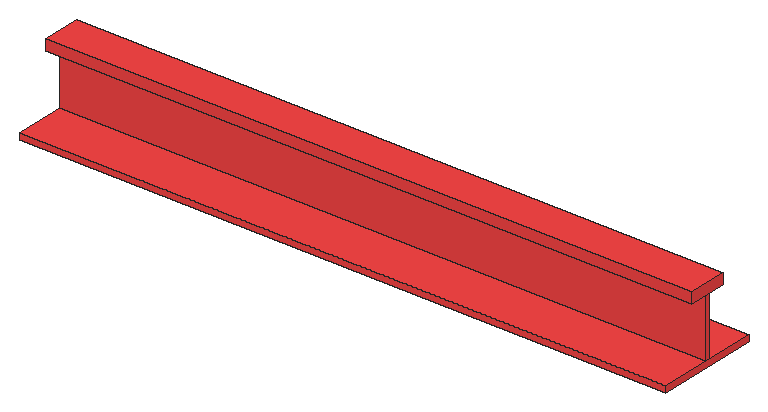
Revit family "GSY27", category Structural Framing, Revit 2018
Family settings
  Section Shape = Not Defined
  Material for Model Behavior = Other
  Always export as geometry = No
  OmniClass Number = 23.25.30.11.14.14
  OmniClass Title = Beams
  Always vertical = Yes
  Cut with Voids When Loaded = No
  Symbolic Representation = From Family
  Shared = No
  Show family pre-cut in plan views = Yes
Parameters (values of type "GSY27/15-40")
  t2 = 25 mm
  t1 = 40 mm
  hw = 230 mm
  d = 15 mm
  b2 = 400 mm
  b1 = 150 mm
  Structural Material [instance] = bips-Steel
  Manufacturer = "Give Steel A/S"
  Length [instance] = 3000 mm
Types (6, lengths in mm): name | b2 | b1 | Length
  (no name) | 400 | 150 | 3000
  GSY27/15-40 | 400 | 150 | 3000
  GSY27/18-43 | 430 | 180 | 3000
  GSY27/22-47 | 470 | 220 | 3000
  GSY27/27-52 | 520 | 270 | 3000
  GSY27/30-55 | 550 | 300 | 4000
Reference planes
  plane 1 "Center (Front/Back)": y = 0
  plane 2 "Center Elevation": z = 0
  plane 3 "Center (Left/Right)": x = 0
  plane 4 "Left": x = -1500
  plane 5 "Member Left": x = -1250
  plane 6 "Stick Symbol Left": x = -1000
  plane 7 "Right": x = 1500
  plane 8 "Member Right": x = 1250
  plane 9 "Stick Symbol Right": x = 1000
  plane 10: y = 75
  plane 11: y = -75
  plane 12: y = 200
  plane 13: y = -200
  plane 14: z = 167.5
  plane 15: z = 127.5
  plane 16: z = -127.5
  plane 17: z = -102.5
  plane 18: y = -7.5
  plane 19: y = 7.5
Forms (mm)
  Extrusion 1, solid, material "bips-Steel" <- "Structural Material"
    sketch origin (0, 0, 0) x (0, 1, 0) y (0, 0, 1)
      loop
        line (75, 167.5) -> (-75, 167.5) -> (-75, 127.5) -> (75, 127.5) -> (75, 167.5)
    from -1250 to 1250
  Extrusion 2, solid, material "bips-Steel" <- "Structural Material"
    sketch origin (0, 0, -90) x (0, 1, 0) y (0, 0, 1)
      loop
        line (7.5, 217.5) -> (-7.5, 217.5) -> (-7.5, -12.5) -> (7.5, -12.5) -> (7.5, 217.5)
    from -1250 to 1250
  Extrusion 3, solid, material "bips-Steel" <- "Structural Material"
    sketch origin (0, 0, -345) x (0, 1, 0) y (0, 0, 1)
      loop
        line (200, 242.5) -> (-200, 242.5) -> (-200, 217.5) -> (200, 217.5) -> (200, 242.5)
    from -1250 to 1250
Lines and regions (mm)
  model lines, style "Stick Symbols", detail levels coarse
    curve 1: line (-1000, 0, 0) -> (1000, 0, 0)
Dimensions and locks
  equal spacing: plane 4 "Left", plane 3 "Center (Left/Right)", plane 7 "Right"
  "Length": plane 4 "Left" to plane 7 "Right"
  equal spacing: plane 10, plane 1 "Center (Front/Back)", plane 11
  "b1": plane 10 to plane 11
  equal spacing: plane 12, plane 1 "Center (Front/Back)", plane 13
  "b2": plane 12 to plane 13
  "t1": plane 14 to plane 15
  "t2": plane 17 to plane 16
  equal spacing: plane 15, plane 2 "Center Elevation", plane 16
  equal spacing: plane 19, plane 1 "Center (Front/Back)", plane 18
  "d": plane 19 to plane 18
  "hw": plane 15 to plane 17
  aligned and locked: plane 5 "Member Left" to Extrusion 1
  aligned and locked: Extrusion 1 to plane 8 "Member Right"
  aligned and locked: plane 1 "Center (Front/Back)" to curve 1
  aligned and locked: plane 6 "Stick Symbol Left" to curve 1
  aligned and locked: plane 9 "Stick Symbol Right" to curve 1
  aligned and locked: level to plane 2 "Center Elevation"
  aligned and locked: Extrusion 1 sketch curve to plane 14
  aligned and locked: plane 10 to Extrusion 1 sketch curve
  aligned and locked: Extrusion 1 sketch curve to plane 11
  aligned and locked: Extrusion 2 sketch curve to plane 18
  aligned and locked: Extrusion 2 sketch curve to plane 19
  aligned and locked: Extrusion 2 sketch curve to plane 17
  aligned and locked: Extrusion 3 sketch curve to plane 16
  aligned and locked: Extrusion 3 sketch curve to plane 17
  aligned and locked: Extrusion 3 sketch curve to plane 13
  aligned and locked: plane 12 to Extrusion 3 sketch curve
  aligned and locked: Extrusion 2 sketch curve to plane 15
  aligned and locked: plane 5 "Member Left" to Extrusion 3
  aligned and locked: Extrusion 3 to plane 8 "Member Right"
  aligned and locked: Extrusion 2 to plane 8 "Member Right"
  aligned and locked: plane 5 "Member Left" to Extrusion 2
Automatic sketch dimensions
  Extrusion 1 sketch curve to plane 15 = 0 mm
